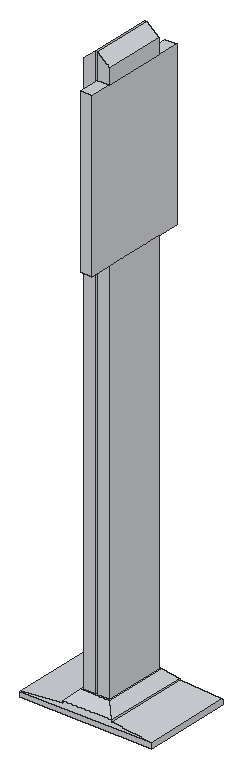
Revit family "Building-RicaricaVeicoliElettrici-GEWISS-JOINON-ICON_SUPPORTO-PAVIM-MONOFACC", category Apparecchi elettrici, host Superficie, Revit 2019
Family settings
  Host = Superficie
  Mantenere orientamento annotazione = Sì
  Quota connettore circolare = Usa diametro
  Tipo di parte = Normale
  Taglio con vuoti quando caricato = No
  Condiviso = No
  Punto di calcolo locali = Sì
Parameters (values of type "GWJ8102 - SUPPORTO PAVIMENTO I-CON - MONOFACCIALE")
  visibilita posizionamento 2d [instance] = yes
  simbolo acceso [instance] = yes
  oggetto in pianta [instance] = not(visibilita posizionamento 2d)  # no
  distanza_simbolo [instance] = 1 mm
  distanza dal piano [instance] = 10 mm
  W = 115 mm  # constant formula
  Voltaggio = 0 V
  Versione file RFA = "19.4"
  VETRO = Vetro
  URL = "https://www.gewiss.com/it/it"
  Spostamento_effettivo_S [instance] = 4000 mm - Spostamento_S  # 2500 mm
  Spostamento_S = 1500 mm
  Simbolo circuito [instance] = not(simbolo acceso)  # no
  Scheda Tecnica = "https://www.gewiss.com/it/it/search?q=GWJ8102"
  STRUTTURA ALTA = blue
  STRUTTURA = RAL - 7035
  Default Elevation = 1219.2 mm
  Produttore = "GEWISS S.p.A."
  PRESA = Giallo
  POMELLO = bianco
  N.poli = 1
  Modello = "GWJ8102"
  L = 155 mm  # constant formula
  Immagine tipo = ICON_SUPP_MONO.jpg
  IDT = "9d8fff42-0005-4008-88f3-94fb88b800ce"
  IDF = "8bd9f2f6-5ab0-40bc-a2ae-4c982108b16b"
  FORMULA = 1000 mm * 1  # 1000 mm
  Descrizione: = "Supporto pavimento I-CON - monofacciale"
  Descrizione = "SUPPORTO PAVIMENTO I-CON - MONOFACCIALE"
  Creato da GEWISS S.p.A. = ""
  Codice Electrocod = "2242"
  Codice EAN = "8034035071379"
  Catalogo = "E-MOBILITY"
  COBie.Tagnumber = ""
  COBie.CreatedOn = ""
  COBie.CreatebBy = ""
  COBie.ComponentRegisterItemID = ""
  COBie.Component.TagNumber = ""
  COBie.Component.Space = ""
  COBie.Component.SerialNumber = ""
  COBie.Component.InstallationDate = ""
  COBie.Component.Description = ""
  COBie.Component.BarCode = ""
  BLOCCO = "B=C"
  Adatto per = "WallBox I-CON"
Reference planes
  plane 1 "Centro (Fronte/Retro)": y = 0
  plane 2: z = 0
  plane 3 "Centro (Sinistra/Destra)": x = 0
  plane 4: x = -3000
  plane 5: x = -500
  plane 6: z = 10
Dimensions and locks
  plane 4 to plane 3 "Centro (Sinistra/Destra)" = 3000 mm
  "Spostamento_effettivo_S": plane 4 to plane 5
  "distanza dal piano": plane 6 to plane 2
  aligned and locked: plane 2 to host face
  aligned and locked: level to host face
Automatic sketch dimensions
  host sketch curve to host sketch curve = 2438.4 mm  (x2)
Nested families
  nested 1: "I-CON_SUPPORTO MONOFACCIALE_BASE" at (0, 0, 0) x (0, 1, 0) z (0, 0, 1), type "I-CON_SUPPORTO MONOFACCIALE_BASE"
Definition of nested family "I-CON_SUPPORTO MONOFACCIALE_BASE"
  Parameters (values of type "I-CON_SUPPORTO MONOFACCIALE_BASE")
    h_struttura = 1361.1 mm
    h_faccia = 930.5 mm
    h_Faccia = 369.5 mm
    POTENZA IN WOLT = 0 V
    N_POLI = 1
    Larghezza_struttura = 139.672 mm
    Larghezza_faccia = 240.108 mm
    CENTRALE = none
  Reference planes
    plane 1 "Centro (Fronte/Retro)": y = 0
    plane 2: z = 0
    plane 3 "Centro (Sinistra/Destra)": x = 0
    plane 4 "EEE": through (4267.2, -291.041, 143.375) normal (0, -0.788, -0.6157)
    plane 5: x = -69.836
    plane 6: x = 69.836
    plane 7: x = -120.054
    plane 8: x = 120.054
    plane 9: z = 930.5
  Forms (mm)
    Extrusion 1, solid
      sketch origin (0, 0, 0) x (1, 0, 0) y (0, 0, 1)
        loop
          line (69.836, 45) -> (69.836, 930.5) -> (-69.836, 930.5) -> (-69.836, 45) -> (69.836, 45)
      from 0 to 27
    Extrusion 2, solid
      sketch origin (0, 0, 0) x (1, 0, 0) y (0, 0, 1)
        loop
          line (-120.054, 930.5) -> (120.054, 930.5) -> (120.054, 1300) -> (-120.054, 1300) -> (-120.054, 930.5)
      from 0 to 27
    Extrusion 3, solid
      sketch origin (0, 0, 0) x (1, 0, 0) y (0, 0, 1)
        loop
          line (-73.836, 45) -> (-95.836, 23) -> (-100.836, 10.27) -> (-100.836, 0) -> (101.164, 0) -> (101.164, 9.889) -> (96.164, 23) -> (74.164, 45) -> (-73.836, 45)
      from -153 to 147
    Extrusion 4, void
      sketch origin (0, 0, 0) x (0, 1, 0) y (0, 0, 1)
        loop
          line (-53, 23) -> (-31, 45) -> (-147, 45) -> (-147, 11.788)
          arc (-147, 11.788) -> (-100.08, 16.765) -> (-53, 19.893) r 1200
          line (-53, 19.893) -> (-53, 23)
      from -112.173 to 250
    Extrusion 5, void
      sketch origin (0, 6, 0) x (0, -1, 0) y (0, 0, -1)
        loop
          line (-53, -23) -> (-53, -19.893)
          arc (-53, -19.893) -> (-100.08, -16.765) -> (-147, -11.788) r 1200
          line (-147, -11.788) -> (-147, -45) -> (-31, -45) -> (-53, -23)
      from -112.173 to 250
    Extrusion 6, solid
      sketch origin (0, 33, -2.593) x (1, 0, 0) y (0, 0, 1)
        loop
          line (69.836, 47.593) -> (69.836, 1361.893) -> (-69.836, 1361.893) -> (-69.836, 47.593) -> (69.836, 47.593)
      from 0 to 27
    Extrusion 7, solid
      sketch origin (0, 0, 0) x (1, 0, 0) y (0, 0, 1)
        loop
          line (69.836, 1300) -> (69.836, 1359.3) -> (-69.836, 1359.3) -> (-69.836, 1300) -> (69.836, 1300)
      from 0 to 27
    Extrusion 8, void
      sketch origin (0, 0, 0) x (0, 1, 0) y (0, 0, 1)
        loop
          line (0, 1359.3) -> (-27, 1359.3) -> (-27, 1334.306) -> (0, 1359.3)
        loop
          line (6, 1359.3) -> (33, 1334.306) -> (33, 1359.3) -> (6, 1359.3)
      from -93.756 to 250
  Cuts and joins
    Extrusion 4, Extrusion 5 cuts Extrusion 3
    Extrusion 8 cuts Extrusion 6
    Extrusion 8 cuts Extrusion 7
  Dimensions and locks
    equal spacing: plane 5, plane 3 "Centro (Sinistra/Destra)", plane 6
    "Larghezza_struttura": plane 5 to plane 6
    equal spacing: plane 7, plane 3 "Centro (Sinistra/Destra)", plane 8
    "Larghezza_faccia": plane 7 to plane 8
    "h_faccia": plane 9 to level
    aligned and locked: level to plane 2
    aligned and locked: Extrusion 1 sketch curve to plane 6
    aligned and locked: Extrusion 1 sketch curve to plane 5
    aligned and locked: Extrusion 1 sketch curve to plane 9
    aligned and locked: Extrusion 2 sketch curve to plane 7
    aligned and locked: Extrusion 2 sketch curve to plane 8
    aligned and locked: Extrusion 2 sketch curve to plane 9
  Automatic sketch dimensions
    level to Extrusion 1 sketch curve = 45 mm
    Extrusion 2 sketch curve to plane 9 = 369.5 mm
    Extrusion 3 sketch curve to level = 0 mm
    Extrusion 3 sketch curve to plane 7 = 19.218 mm
    Extrusion 3 sketch curve to Extrusion 3 sketch curve = 5 mm  (x2)
    plane 5 to Extrusion 3 sketch curve = 4 mm
    Extrusion 3 sketch curve to plane 6 = 4.328 mm
    plane 8 to Extrusion 3 sketch curve = 23.89 mm
    Extrusion 3 sketch curve to Extrusion 3 sketch curve = 9.889 mm
    Extrusion 3 sketch curve to Extrusion 3 sketch curve = 10.27 mm
    Extrusion 3 sketch curve to Extrusion 3 sketch curve = 12.73 mm
    Extrusion 3 sketch curve to Extrusion 3 sketch curve = 13.111 mm
    Extrusion 3 sketch curve to Extrusion 3 sketch curve = 22 mm
    level to Extrusion 4 sketch curve = 11.788 mm
    plane 1 "Centro (Fronte/Retro)" to Extrusion 4 sketch curve = 147 mm
    level to Extrusion 4 sketch curve = 19.893 mm
    plane 1 "Centro (Fronte/Retro)" to Extrusion 4 sketch curve = 53 mm
    plane 1 "Centro (Fronte/Retro)" to Extrusion 4 sketch curve = 31 mm
    Extrusion 4 sketch curve to plane 1 "Centro (Fronte/Retro)" = 3 mm
    Extrusion 4 sketch curve to Extrusion 4 sketch curve = 3.107 mm
    Extrusion 4 sketch curve to Extrusion 4 sketch curve = 22 mm
    Extrusion 5 sketch curve to level = 11.788 mm
    plane 1 "Centro (Fronte/Retro)" to Extrusion 5 sketch curve = 153 mm
    Extrusion 5 sketch curve to level = 19.893 mm
    plane 1 "Centro (Fronte/Retro)" to Extrusion 5 sketch curve = 59 mm
    Extrusion 5 sketch curve to Extrusion 5 sketch curve = 22 mm  (x2)
    plane 1 "Centro (Fronte/Retro)" to Extrusion 5 sketch curve = 3 mm
    Extrusion 5 sketch curve to Extrusion 5 sketch curve = 3.107 mm
    plane 5 to Extrusion 6 sketch curve = 0 mm
    plane 6 to Extrusion 6 sketch curve = 0 mm
    level to Extrusion 6 sketch curve = 45 mm
    Extrusion 6 sketch curve to plane 9 = 428.8 mm
    Extrusion 7 sketch curve to plane 5 = 0 mm
    Extrusion 7 sketch curve to plane 6 = 0 mm
    Extrusion 7 sketch curve to plane 9 = 369.5 mm
    Extrusion 7 sketch curve to Extrusion 7 sketch curve = 59.3 mm
    Extrusion 8 sketch curve to plane 1 "Centro (Fronte/Retro)" = 0 mm
    plane 1 "Centro (Fronte/Retro)" to Extrusion 8 sketch curve = 27 mm
    Extrusion 8 sketch curve to plane 1 "Centro (Fronte/Retro)" = 6 mm
    Extrusion 8 sketch curve to plane 9 = 403.806 mm
    Extrusion 8 sketch curve to Extrusion 8 sketch curve = 24.994 mm  (x3)
    Extrusion 8 sketch curve to plane 1 "Centro (Fronte/Retro)" = 33 mm
